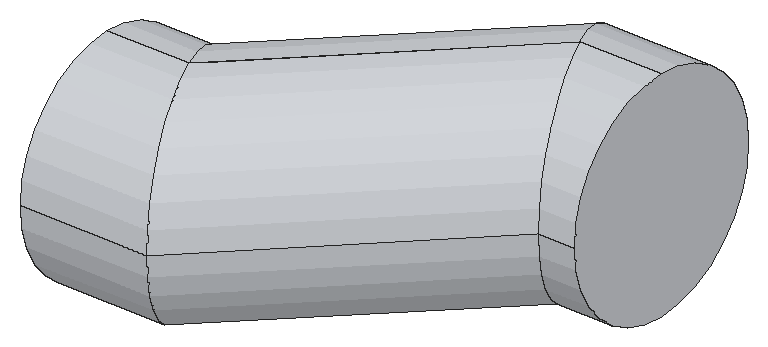
Revit family "M_Deslocamento redondo", category Conexões de duto, Revit 2019
Family settings
  Cota do conector redondo = Usar raio
  Tipo de parte = Deslocamento
  Número OmniClass = 23.75.70.14
  Título OmniClass = Air Ductwork
  ID de item do Seek = Round Offset-0000-CAN-ENU
  Com base no plano de trabalho = Não
  Sempre na vertical = Sim
  Corte com vazios quando carregada = Não
  Compartilhado = Não
Parameters (values of type "Padrão")
  Raio do duto [instance] = Diâmetro do duto / 2  # 150 mm
  Comprimento do duto [instance] = 2 * (L0 + Raio do duto * tan(Ângulo / 2) + Anteparo)  # 524.264 mm
  L1 [instance] = Comprimento do duto / 2  # 262.132 mm
  L0 [instance] = CC_Deslocamento / 2 / tan(Ângulo)  # 150 mm
  Diâmetro do duto [instance] = 300 mm
  Anteparo [instance] = 50 mm
  CC_Deslocamento [instance] = 300 mm
  Ângulo [instance] = 45.00°
Reference planes
  plane 1 "Centro (Frente/Trás)": y = 0
  plane 2: z = 0
  plane 3 "Centro (Esquerda/Direita)": x = 0
  plane 4: y = 150
  plane 5: y = -150
  plane 6: x = -150
  plane 7: x = 150
  plane 8: x = -262.132
  plane 9: x = 262.132
Forms (mm)
  Sweep 1, solid, detail levels medium+fine
    path in 3D
      loop
        line (-262.132, -150, 0) -> (-150, -150, 0) -> (150, 150, 0) -> (262.132, 150, 0)
    profile "M_Duto - Redondo : Duto - Redondo" origin (-206.066, -150, 0) x (0, 1, 0) y (0, 0, 1)
      loop
        arc (-150, 0) -> (-106.066, -106.066) -> (0, -150) r 150
        arc (0, -150) -> (106.066, -106.066) -> (150, 0) r 150
        arc (150, 0) -> (106.066, 106.066) -> (0, 150) r 150
        arc (0, 150) -> (-106.066, 106.066) -> (-150, 0) r 150
Lines and regions (mm)
  model lines, style "DuctFitting", detail levels coarse
    curve 1: line (-150, -150, 0) -> (150, 150, 0)
    curve 2: line (-262.132, -150, 0) -> (-150, -150, 0)
    curve 3: line (150, 150, 0) -> (262.132, 150, 0)
  sketch lines
    curve 4: line (-262.132, -150, 0) -> (-150, -150, 0)
    curve 5: line (-150, -150, 0) -> (150, 150, 0)
    curve 6: line (150, 150, 0) -> (262.132, 150, 0)
Dimensions and locks
  equal spacing: plane 5, plane 1 "Centro (Frente/Trás)", plane 4
  "L0": plane 6 to plane 3 "Centro (Esquerda/Direita)"
  "L0": plane 3 "Centro (Esquerda/Direita)" to plane 7
  "CC_Deslocamento": plane 5 to plane 4
  "Comprimento do duto": plane 8 to plane 9
  equal spacing: plane 8, plane 3 "Centro (Esquerda/Direita)", plane 9
  "Ângulo": angle plane 5 to curve 1
  aligned and locked: plane 6 to curve 1
  aligned and locked: plane 8 to curve 2
  aligned and locked: plane 5 to curve 2
  aligned and locked: plane 9 to curve 3
  aligned and locked: plane 7 to curve 3
  aligned and locked: plane 4 to curve 3
Connectors
  hvac at (-262.132, -150, 0), driven by "Raio do duto"
    settings: on Sweep 1, index 1, duct flow 0.0 L/s, flow factor 0, pres drop 0.0 Pa, loss coef 0, conn angle 0.00°, conn width 304.8 mm, conn height 304.8 mm, conn diameter 300 mm, duct sys type 28, conn prof type 0, flow config 0, flow direction 0, loss method 0, conn ref index 2, conn util no, is conn primary yes, conn desc ""
  hvac at (262.132, 150, 0), driven by "Raio do duto"
    settings: on Sweep 1, index 2, duct flow 0.0 L/s, flow factor 0, pres drop 0.0 Pa, loss coef 0, conn angle 0.00°, conn width 304.8 mm, conn height 304.8 mm, conn diameter 300 mm, duct sys type 28, conn prof type 0, flow config 0, flow direction 0, loss method 0, conn ref index 1, conn util no, is conn primary no, conn desc ""
